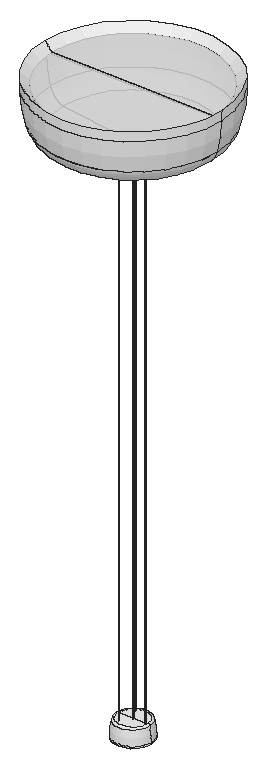
Revit family "3097940 Lighting Fixture_Sylvania_Nephos LED_Ceiling Pendant", category Lighting Fixtures, host Face, Revit 2017
Family settings
  Host = Face
  Round Connector Dimension = Use Diameter
  Part Type = Normal
  OmniClass Number = 23.80.70.11.17
  OmniClass Title = Specialized Lighting by Location or Use
  Cut with Voids When Loaded = No
  Light Source = Yes
  Shared = No
  Room Calculation Point = No
Parameters (values of type "NEPHOS 600 LED V2 GLOSS WHITE WW DALI")
  Rod Length = Mounting Height - Height - 57.0 mm  # 1743.0 mm
  Radius = 300.0 mm
  Mounting Material = Steel_Sylvania_Nephos_Silver
  Mounting Height = 2000.0 mm
  Mounting Radius = 62.0 mm  # constant formula
  Life = "50 000h"  # constant formula
  LOR = "100%"
  IP Rating = "IP20"  # constant formula
  Weight = 4.97 kg
  Wattage = 39.8235 W
  built-in parameter 1150110 = 1 (stored number, unit not read)
  Voltage Comments = "UNV (Universal Voltage; 220-240 Volt)"  # constant formula
  Voltage = 230 V  # constant formula
  URL = "http://www.sylvania-lighting.com"
  built-in parameter 1114217 = 1 (stored number, unit not read)
  Tilt Angle = -90°
  built-in parameter 1150109 = 1 (stored number, unit not read)
  built-in parameter 1150134 = (empty or 0)
  built-in parameter 1150113 = 1 (stored number, unit not read)
  Product Page URL = "http://www.sylvania-lighting.com/product/en-int/products/3097940"
  Product Family = "NEPHOS"  # constant formula
  Photometry Comments = ""
  Photometric Web File = "3097940_NEPHOS600LEDV2GLOSSWHITEWWDALI-209148.ies"
  Height = 200.0 mm
  Glow Wire Test = 650 °C
  Emit from Circle Diameter = Diameter - 10.0 mm  # 590.0 mm
  Emit Shape Visible in Rendering = no
  Electrical Protection = "Class I"  # constant formula
  Drive Current = "700mA"  # constant formula
  Diffuser Radius = Radius - 5.0 mm  # 295.0 mm
  Diffuser Material = Polycarbonate_Sylvania_Nephos_Opal
  Diameter = 2 * Radius  # 600.0 mm
  built-in parameter 1114216 [instance] = 1 (stored number, unit not read)
  Model = "NEPHOS 600 LED V2 GLOSS WHITE WW DALI"
  Manufacturer = "Feilo Sylvania"
  built-in parameter 1150105 = 161.62 (stored number, unit not read)
  Lumens = 2031 lm
  built-in parameter 1150115 = 1 (stored number, unit not read)
  built-in parameter 1150137 = (empty or 0)
  built-in parameter 1150139 = (empty or 0)
  built-in parameter 1150112 = 1 (stored number, unit not read)
  built-in parameter 1150114 = 1 (stored number, unit not read)
  Lamp = "Integrated LED"
  built-in parameter 1150132 = 2
  built-in parameter 1150102 = (empty or 0)
  built-in parameter 1150107 = 3000 (stored number, unit not read)
  built-in parameter 1150138 = (empty or 0)
  built-in parameter 1150106 = 1.6162 (stored number, unit not read)
  CRI ( Ra ) = 85  # constant formula
  Body Material = Aluminium_Sylvania_Nephos_White
  built-in parameter 1150104 = 4.7381 (stored number, unit not read)
  Dimming Lamp Color Temperature Shift = <None>
  Description = "High-end and decorative LED pendant with a contemporary curved design. Available in gloss black and gloss white colour finishes to suit either a high brightness reception, or an ambient lounge space. Diffused (direct) light provides a soft and ambient lighting effect. Perfect for hospitality and residential applications; can be used in restaurants, bars, reception areas or lounge spaces. Aluminium housing material. 600mm diameter. Delivers up to 1340lm (4000K luminaire lumen output). Available in 3000K and 4000K colour temperatures. DALI dimmable options. 25W. LED technology provides energy efficient solution and reduced maintenance costs. 50,000 hour life. Adjustable 2000mm suspension cable"  # constant formula
  Default Elevation = 0.0 mm
  Color Filter = 16777215
  Catalog Number = "3097940 NEPHOS 600 LED V2 GLOSS WHITE WW DALI"
  built-in parameter 1140040 [instance] = 1
  built-in parameter 1114218 = 1 (stored number, unit not read)
  built-in parameter 1150133 = 10 (stored number, unit not read)
  Assembly Code = "D5020200"
  Apparent Load Comments = ""
  Apparent Load = 24 VA
Reference planes
  plane 1 "Center (Front/Back)": y = 0
  plane 2: z = 0
  plane 3 "Center (Left/Right)": x = 0
  plane 4 "Mounting Bottom": z = 57
  plane 5: z = 1800
  plane 6 "Fixture Bottom": z = 2000
  plane 7 "Diffuser Plane": z = 1975
  plane 8: z = 1820
  plane 9: z = 1870
  plane 10: z = 1970
  plane 11: z = 47
Forms (mm)
  Revolve 1, solid, material "Aluminium_Sylvania_Nephos_White" <- "Body Material", detail levels fine
    sketch origin (0, 0, 0) x (1, 0, 0) y (0, 0, 1)
      loop
        line (-300, 2000) -> (-300, 1970)
        arc (-300, 1970) -> (-296.229, 1919.441) -> (-285, 1870) r 340.833
        arc (-285, 1870) -> (-268.025, 1840.027) -> (-240, 1820) r 79.807
        arc (-240, 1820) -> (-135.475, 1805.011) -> (-30, 1800) r 1112.5
        line (-30, 1800) -> (0, 1800) -> (0, 1805) -> (-30, 1805)
        arc (-30, 1805) -> (-134.731, 1809.963) -> (-238.523, 1824.808) r 1107.5
        arc (-238.523, 1824.808) -> (-264.485, 1843.568) -> (-280.22, 1871.467) r 74.807
        arc (-280.22, 1871.467) -> (-291.284, 1920.182) -> (-295, 1970) r 335.833
        line (-295, 1970) -> (-295, 1975) -> (-275, 1975) -> (-300, 2000)
      axis (0, 2000) -> (0, 1800)
    angle from 0 to 360
  Revolve 2, solid, material "Polycarbonate_Sylvania_Nephos_Opal" <- "Diffuser Material", detail levels fine
    sketch origin (0, 0, 0) x (1, 0, 0) y (0, 0, 1)
      loop
        line (0, 1975) -> (-295, 1975) -> (-295, 1970) -> (0, 1970) -> (0, 1975)
      axis (0, 1975) -> (0, 1970)
    angle from 0 to 360
  Revolve 3, solid, material "Aluminium_Sylvania_Nephos_White" <- "Body Material", detail levels fine
    sketch origin (0, 0, 0) x (1, 0, 0) y (0, 0, 1)
      loop
        line (0, 57) -> (-50.541, 57)
        arc (-50.541, 57) -> (-54.527, 55.484) -> (-56.499, 51.702) r 6
        arc (-56.499, 51.702) -> (-60.62, 28.512) -> (-62, 5) r 201.008
        line (-62, 5) -> (-62, 0) -> (0, 0) -> (0, 57)
      axis (0, 57) -> (0, 0)
    angle from 0 to 360
  Extrusion 4, solid, material "Aluminium_Sylvania_Nephos_White" <- "Body Material", detail levels fine
    sketch origin (0, 0, 0) x (1, 0, 0) y (0, 1, 0)
      loop
        circle (0, 0) r 2
    from 57 to 1800
  Revolve 5, solid, material "Aluminium_Sylvania_Nephos_White" <- "Body Material", detail levels coarse+medium
    sketch origin (0, 0, 0) x (1, 0, 0) y (0, 0, 1)
      loop
        line (-300, 2000) -> (-300, 1970)
        arc (-300, 1970) -> (-296.229, 1919.441) -> (-285, 1870) r 340.833
        arc (-285, 1870) -> (-268.025, 1840.027) -> (-240, 1820) r 79.807
        arc (-240, 1820) -> (-135.475, 1805.011) -> (-30, 1800) r 1112.5
        line (-30, 1800) -> (0, 1800) -> (0, 2000) -> (-300, 2000)
      axis (0, 2000) -> (0, 1800)
    angle from 0 to 360
Lines and regions (mm)
  model lines
    curve 1: line (0, 0, 1800) -> (0, 0, 0)
Dimensions and locks
  locked: plane 4 "Mounting Bottom" to plane 2 at 57
  "Radius": plane 3 "Center (Left/Right)" to Revolve 1 sketch curve
  locked: Revolve 1 sketch curve to Revolve 1 sketch curve at 25
  locked: Revolve 1 sketch curve to Revolve 1 sketch curve at 15
  locked: Revolve 1 sketch curve to Revolve 1 sketch curve at 60
  "Diffuser Radius": plane 3 "Center (Left/Right)" to Revolve 2 sketch curve
  "Mounting Height": plane 6 "Fixture Bottom" to plane 2
  "Mounting Radius": plane 3 "Center (Left/Right)" to Revolve 3 sketch curve
  Revolve 3 sketch curve to Revolve 3 sketch curve to Revolve 3 sketch curve = 5.959 mm locked, 5.501 mm locked
  locked: Revolve 3 sketch curve to Revolve 3 sketch curve at 5.298
  locked: plane 4 "Mounting Bottom" to plane 11 at 10
  locked: Revolve 1 sketch curve to Revolve 1 sketch curve at 270
  locked: Revolve 5 sketch curve to Revolve 5 sketch curve at 15
  locked: Revolve 5 sketch curve to Revolve 5 sketch curve at 60
  locked: Revolve 5 sketch curve to Revolve 5 sketch curve at 270
  "Radius": plane 3 "Center (Left/Right)" to Revolve 5 sketch curve
  "Height": plane 6 "Fixture Bottom" to plane 5
  locked: plane 6 "Fixture Bottom" to plane 7 "Diffuser Plane" at 25
  plane 10 to plane 9 to plane 8 to plane 5 = 100.0 mm locked, 50.0 mm locked, 20.0 mm locked
  aligned and locked: plane 2 to host face
  aligned and locked: level to host face
  aligned and locked: plane 1 "Center (Front/Back)" to imposter light
  aligned and locked: plane 3 "Center (Left/Right)" to imposter light
  aligned and locked: Revolve 1 sketch curve to plane 3 "Center (Left/Right)"
  aligned and locked: plane 7 "Diffuser Plane" to Revolve 2 sketch curve
  aligned and locked: Revolve 2 sketch curve to plane 10
  aligned and locked: Revolve 2 sketch curve to plane 3 "Center (Left/Right)"
  aligned and locked: plane 4 "Mounting Bottom" to Revolve 3 sketch curve
  aligned and locked: Revolve 3 sketch curve to plane 3 "Center (Left/Right)"  (x2)
  aligned and locked: Extrusion 4 to plane 4 "Mounting Bottom"
  aligned and locked: plane 5 to Extrusion 4
  aligned and locked: plane 6 "Fixture Bottom" to imposter light
  aligned and locked: plane 5 to nested 1  (x2)
  aligned and locked: nested 1 to plane 1 "Center (Front/Back)"
  aligned and locked: nested 1 to plane 5
  aligned and locked: plane 5 to nested 2
  aligned and locked: plane 5 to nested 3
  aligned and locked: Revolve 5 sketch curve to plane 6 "Fixture Bottom"
  aligned and locked: plane 2 to curve 1
  aligned and locked: plane 5 to curve 1
  aligned and locked: curve 1 to plane 3 "Center (Left/Right)"
Automatic sketch dimensions
  host sketch curve to host sketch curve = 1305.563 mm
  host sketch curve to host sketch curve = 1283.632 mm
  plane 1 "Center (Front/Back)" to Extrusion 4 sketch curve = 0.0 mm
  Extrusion 4 sketch curve to plane 3 "Center (Left/Right)" = 0.0 mm
  Revolve 1 sketch curve to Revolve 1 sketch curve = 0.0 mm  (x7)
  Revolve 1 sketch curve to plane 7 "Diffuser Plane" = 0.0 mm
  Revolve 1 sketch curve to plane 10 = 0.0 mm
  Revolve 1 sketch curve to plane 9 = 0.0 mm  (x2)
  Revolve 1 sketch curve to plane 3 "Center (Left/Right)" = 0.0 mm
  Revolve 1 sketch curve to plane 5 = 0.0 mm
  Revolve 1 sketch curve to plane 8 = 0.0 mm
  Revolve 1 sketch curve to plane 6 "Fixture Bottom" = 0.0 mm
  Revolve 1 sketch curve to Revolve 1 sketch curve = 5.0 mm
  plane 5 to Revolve 1 sketch curve = 5.0 mm
  Revolve 1 sketch curve to Revolve 1 sketch curve = 135.894 mm
  Revolve 1 sketch curve to Revolve 1 sketch curve = 84.106 mm
  Revolve 2 sketch curve to plane 3 "Center (Left/Right)" = 0.0 mm
  plane 9 to Revolve 2 sketch curve = 25.416 mm
  plane 6 "Fixture Bottom" to Revolve 2 sketch curve = 55.416 mm
  Revolve 3 sketch curve to level = 0.0 mm
  level to Revolve 3 sketch curve = 5.0 mm
  Revolve 3 sketch curve to Revolve 3 sketch curve = 34.616 mm
  Revolve 3 sketch curve to Revolve 3 sketch curve = 68.384 mm
  Revolve 5 sketch curve to plane 9 = 0.0 mm  (x2)
  Revolve 5 sketch curve to plane 3 "Center (Left/Right)" = 0.0 mm  (x2)
  Revolve 5 sketch curve to plane 10 = 0.0 mm
  Revolve 5 sketch curve to plane 5 = 0.0 mm
  Revolve 5 sketch curve to plane 8 = 0.0 mm
  Revolve 5 sketch curve to plane 5 = 135.894 mm
  Revolve 5 sketch curve to Revolve 5 sketch curve = 84.106 mm
  radius of Extrusion 4 sketch curve = 2.0 mm
Nested families
  nested 1: "Mounting" at (41.499, 0, 1800) x (1, 0, 0) z (0, 0, -1), type "Mounting"
    with Rod Length 1743.0 mm
  nested 2: "Mounting" at (-20.75, 35.94, 1800) x (-0.5, 0.866, 0) z (0, 0, -1), type "Mounting"
    with Rod Length 1743.0 mm
  nested 3: "Mounting" at (-20.75, -35.94, 1800) x (-0.5, -0.866, 0) z (0, 0, -1), type "Mounting"
    with Rod Length 1743.0 mm
Connectors
  electrical at (0, 0, 0), driven by "Voltage", driven by "Apparent Load"
    settings: on Revolve 3, index 1, voltage 230 V, apparent load 0 VA, apparent load phase1 24 VA, apparent load phase2 0 VA, apparent load phase3 0 VA, power factor 1, load classification "Lighting", number of poles 1, system type 31, power factor state 1, is connector primary yes, connector utility no, sub classification motor no, connector description ""
Definition of nested family "Mounting"
  Parameters
    Rod Length = 1243.0 mm
    Mounting Material = none
    Default Elevation = 0.0 mm
  Reference planes
    plane 1 "Center (Front/Back)": y = 0
    plane 2: z = 0
    plane 3 "Center (Left/Right)": x = 0
    plane 4: y = 0
    plane 5: z = 1243
    plane 6: z = 6
  Forms (mm)
    Extrusion 1, solid, material <- "Mounting Material", detail levels fine
      sketch origin (0, 0, 0) x (1, 0, 0) y (0, 1, 0)
        loop
          circle (0, 0) r 0.5
      from 6 to 1243
    Extrusion 2, solid, material <- "Mounting Material", detail levels fine
      sketch origin (0, 0, 0) x (1, 0, 0) y (0, 1, 0)
        loop
          circle (0, 0) r 1.5
      from 0 to 6
  Dimensions and locks
    locked: plane 6 to plane 2 at 6
    "Rod Length": plane 5 to plane 2
    aligned and locked: level to plane 2
    aligned and locked: plane 5 to Extrusion 1
    aligned and locked: plane 6 to Extrusion 2
    aligned and locked: Extrusion 2 to plane 2
    aligned and locked: Extrusion 1 to plane 6
    aligned and locked: plane 1 "Center (Front/Back)" to plane 4
  Automatic sketch dimensions
    Extrusion 1 sketch curve to plane 3 "Center (Left/Right)" = 0.0 mm
    plane 4 to Extrusion 1 sketch curve = 0.0 mm
    Extrusion 2 sketch curve to plane 3 "Center (Left/Right)" = 0.0 mm
    plane 4 to Extrusion 2 sketch curve = 0.0 mm
    radius of Extrusion 1 sketch curve = 0.5 mm
    radius of Extrusion 2 sketch curve = 1.5 mm
